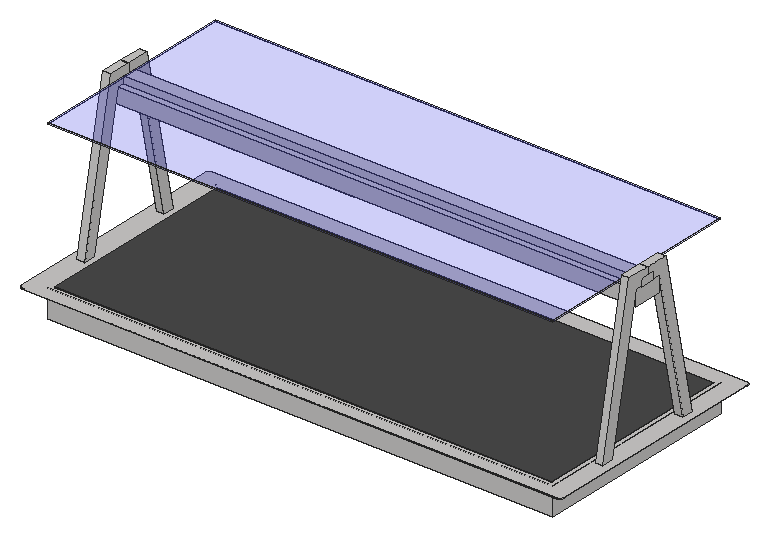
Revit family "QF_ELECTROLUXPROFESSIONAL_CC0HN6_CC0HN6", category Specialty Equipment, Revit 2023
Family settings
  Round Connector Dimension = Use Diameter
  Part Type = Normal
  Work Plane-Based = No
  Enable Cutting in Views = No
  Always vertical = Yes
  Cut with Voids When Loaded = No
  Maintain Annotation Orientation = No
  Shared = No
  Room Calculation Point = No
Parameters (values of type "Standard")
  Weight = 45.35 kg
  Watts = 0 W
  Volts = 220 V
  URL Manufacturer = "https://www.electroluxprofessional.com/"
  URL = "https://www.electroluxprofessional.com/"
  Steam Supply Size = 0 mm
  Steam Supply Minimum Pressure = 0.0 Pa
  Steam Supply Maximum Pressure = 0.0 Pa
  Steam Consumption per Hour = 0
  Refrigeration Suction Line Size = 0 mm
  Refrigeration Liquid Line Size = 0 mm
  Refrigerant Compressor Remote = yes
  Default Elevation = 0 mm
  Manufacturer = "Electrolux Professional"
  Phase = 1
  Model = "CC0HN6"
  Length Actual = 1420 mm  # constant formula
  Item Number = "CC0HN6"
  Hot Water Size = 0 mm
  Height Actual = 484 mm  # constant formula
  HP = "0 HP"
  Gas Size = 0 mm
  Gas KW = 0
  Gas Input Pressure = 0 W
  Direct Waste Size = 0 mm
  Description = "DROP-IN TEMPERED GLASS TOP, 4GN WITH A TYPE OVERSHELF AND HALOGEN LAMP"
  Depth Actual = 620 mm  # constant formula
  Cycle = 50 Hz
  Condensate Return Size = 0 mm
  Compressed Air Volume = 0.0 L/s
  Compressed Air Size = 0 mm
  Compressed Air Pressure = 0.0 Pa
  Cold Water Size = 0 mm
  Accessory = yes
Reference planes
  plane 1 "BACK": y = 0
  plane 2: z = 5.426
  plane 3 "LEFT": x = 0
  plane 4: y = -620
  plane 5: x = 1420
  plane 6: z = 409.426
  plane 7: y = -310
  plane 8: x = 710
Forms (mm)
  Extrusion 1, solid, material "QF_Finishes_Stainless Steel"
    sketch origin (0, 0, 5.426) x (1, 0, 0) y (0, 1, 0)
      loop
        arc (10, 0) -> (2.929, -2.929) -> (0, -10) r 10
        line (0, -10) -> (0, -610)
        arc (0, -610) -> (2.929, -617.071) -> (10, -620) r 10
        line (10, -620) -> (1410, -620)
        arc (1410, -620) -> (1417.071, -617.071) -> (1420, -610) r 10
        line (1420, -610) -> (1420, -10)
        arc (1420, -10) -> (1417.071, -2.929) -> (1410, 0) r 10
        line (1410, 0) -> (10, 0)
    from 0 to 1
  Extrusion 2, solid, material "QF_Finishes_Stainless Steel"
    sketch origin (0, 0, 184.548) x (1, 0, 0) y (0, 1, 0)
      loop
        line (50, -35) -> (50, -585) -> (1370, -585) -> (1370, -35) -> (50, -35)
    from -251.122 to -179.122
  Extrusion 3, solid, material "QF_Finishes_Stainless Steel"
    sketch origin (21.5, -620, 0) x (0, -1, 0) y (0, 0, -1)
      loop
        line (-310, -409.426) -> (-250.873, -409.426) -> (-165, -5.426) -> (-195, -5.426) -> (-272.583, -370.426) -> (-310, -370.426) -> (-310, -409.426)
    from 0 to 20
  Extrusion 4, solid, material "QF_Finishes_Stainless Steel"
    sketch origin (21.5, 0, 0) x (0, 1, 0) y (0, 0, 1)
      loop
        line (-310, 409.426) -> (-310, 370.426) -> (-272.583, 370.426) -> (-195, 5.426) -> (-165, 5.426) -> (-250.873, 409.426) -> (-310, 409.426)
    from 0 to 20
  Extrusion 5, solid, material "QF_Finishes_Stainless Steel"
    sketch origin (1398.5, -620, 0) x (0, -1, 0) y (0, 0, 1)
      loop
        line (-310, 409.426) -> (-310, 370.426) -> (-272.583, 370.426) -> (-195, 5.426) -> (-165, 5.426) -> (-250.873, 409.426) -> (-310, 409.426)
    from 0 to 20
  Extrusion 6, solid, material "QF_Finishes_Stainless Steel"
    sketch origin (1398.5, 0, 0) x (0, 1, 0) y (0, 0, -1)
      loop
        line (-310, -409.426) -> (-250.873, -409.426) -> (-165, -5.426) -> (-195, -5.426) -> (-272.583, -370.426) -> (-310, -370.426) -> (-310, -409.426)
    from 0 to 20
  Extrusion 7, solid, material "QF_Finishes_Stainless Steel"
    sketch origin (0, 0, 0) x (0, 1, 0) y (0, 0, 1)
      loop
        line (-291.292, 370.426) -> (-291.292, 387.956) -> (-328.917, 387.956) -> (-328.917, 370.426) -> (-291.292, 370.426)
    from 21.5 to 1398.5
  Extrusion 8, solid, material "Vetro"
    sketch origin (0, 0, 5.426) x (1, 0, 0) y (0, 1, 0)
      loop
        line (50, -35) -> (50, -585) -> (1370, -585) -> (1370, -35) -> (50, -35)
    from 382.529 to 387.529
  Extrusion 9, solid, material "QF_Finishes_Stainless Steel"
    sketch origin (0, 0, 0) x (0, 1, 0) y (0, 0, 1)
      loop
        line (-272.583, 370.426) -> (-347.583, 370.426) -> (-347.583, 330.426) -> (-272.583, 330.426) -> (-272.583, 370.426)
    from 21.5 to 1398.5
  Extrusion 10, solid, material "QF_Finishes_Stainless Steel"
    sketch origin (34.947, 0, 0) x (0, 1, 0) y (0, 0, 1)
      loop
        line (-280.414, 330.426) -> (-340.414, 330.426) -> (-340.414, 325.426) -> (-280.414, 325.426) -> (-280.414, 330.426)
    from 113.553 to 313.553
  Extrusion 11, solid, material "QF_Finishes_Stainless Steel"
    sketch origin (769.053, 0, 0) x (0, 1, 0) y (0, 0, -1)
      loop
        line (-280.414, -330.426) -> (-280.414, -325.426) -> (-340.414, -325.426) -> (-340.414, -330.426) -> (-280.414, -330.426)
    from 113.553 to 313.553
  Extrusion 12, solid, material "QF_Finishes_Stainless Steel"
    sketch origin (1385.053, 0, 0) x (0, 1, 0) y (0, 0, -1)
      loop
        line (-280.414, -330.426) -> (-280.414, -325.426) -> (-340.414, -325.426) -> (-340.414, -330.426) -> (-280.414, -330.426)
    from 113.553 to 313.553
  Extrusion 13, solid, material "QF_Finishes_Stainless Steel"
    sketch origin (650.947, 0, 0) x (0, 1, 0) y (0, 0, 1)
      loop
        line (-280.414, 330.426) -> (-340.414, 330.426) -> (-340.414, 325.426) -> (-280.414, 325.426) -> (-280.414, 330.426)
    from 113.553 to 313.553
  Extrusion 14, solid, material "QF_Finishes_Black"
    sketch origin (0, 0, 6.426) x (1, 0, 0) y (0, 1, 0)
      loop
        line (60, -45) -> (60, -575) -> (1360, -575) -> (1360, -45) -> (60, -45)
    from 0 to 1
  Extrusion 15, solid, material "QF_Finishes_Stainless Steel"
    sketch origin (1282.404, 17.714, -99.574) x (1, 0, 0) y (0, 1, 0)
      loop
        line (-392.404, -132.714) -> (-392.404, -152.714) -> (-372.404, -152.714) -> (-372.404, -132.714) -> (-392.404, -132.714)
    from 0 to 33
  Extrusion 16, solid, material "QF_Finishes_Stainless Steel"
    sketch origin (1012.404, 17.714, -99.574) x (1, 0, 0) y (0, 1, 0)
      loop
        line (-392.404, -132.714) -> (-392.404, -152.714) -> (-372.404, -152.714) -> (-372.404, -132.714) -> (-392.404, -132.714)
    from 0 to 33
Dimensions and locks
  equal spacing: Extrusion 1, Extrusion 2 sketch curve, Extrusion 2 sketch curve, Extrusion 1  (x2)
  Extrusion 1 to Extrusion 1 = 1420 mm
  Extrusion 1 to plane 1 "BACK" = 620 mm
  plane 6 to plane 2 = 404 mm
  equal spacing: plane 3 "LEFT", plane 8, plane 5
  Extrusion 4 to plane 8 to Extrusion 6 = 668.5 mm, 668.5 mm
  equal spacing: Extrusion 8, Extrusion 14 sketch curve, Extrusion 14 sketch curve, Extrusion 8  (x2)
  aligned and locked: level to plane 2
Automatic sketch dimensions
  Extrusion 1 sketch curve to plane 3 "LEFT" = 0 mm
  plane 4 to Extrusion 1 sketch curve = 0 mm
  plane 1 "BACK" to Extrusion 1 sketch curve = 0 mm
  Extrusion 1 sketch curve to plane 5 = 0 mm
  plane 3 "LEFT" to Extrusion 1 sketch curve = 10 mm  (x2)
  plane 5 to Extrusion 1 sketch curve = 10 mm  (x2)
  plane 3 "LEFT" to Extrusion 2 sketch curve = 50 mm
  plane 5 to Extrusion 2 sketch curve = 50 mm
  Extrusion 2 sketch curve to plane 4 = 35 mm
  plane 1 "BACK" to Extrusion 2 sketch curve = 35 mm
  Extrusion 3 sketch curve to plane 7 = 0 mm
  plane 6 to Extrusion 3 sketch curve = 0 mm
  Extrusion 3 sketch curve to level = 0 mm
  Extrusion 3 sketch curve to Extrusion 3 sketch curve = 37.417 mm
  Extrusion 3 sketch curve to Extrusion 3 sketch curve = 21.71 mm
  plane 7 to Extrusion 3 sketch curve = 115 mm
  Extrusion 3 sketch curve to Extrusion 3 sketch curve = 30 mm
  Extrusion 3 sketch curve to Extrusion 3 sketch curve = 39 mm
  Extrusion 4 sketch curve to plane 7 = 0 mm
  plane 6 to Extrusion 4 sketch curve = 0 mm
  Extrusion 4 sketch curve to level = 0 mm
  Extrusion 4 sketch curve to Extrusion 4 sketch curve = 37.417 mm
  Extrusion 4 sketch curve to Extrusion 4 sketch curve = 21.71 mm
  plane 7 to Extrusion 4 sketch curve = 115 mm
  Extrusion 4 sketch curve to Extrusion 4 sketch curve = 30 mm
  Extrusion 4 sketch curve to Extrusion 4 sketch curve = 39 mm
  Extrusion 5 sketch curve to plane 7 = 0 mm
  plane 6 to Extrusion 5 sketch curve = 0 mm
  Extrusion 5 sketch curve to level = 0 mm
  Extrusion 5 sketch curve to Extrusion 5 sketch curve = 37.417 mm
  Extrusion 5 sketch curve to Extrusion 5 sketch curve = 21.71 mm
  Extrusion 5 sketch curve to plane 7 = 115 mm
  Extrusion 5 sketch curve to Extrusion 5 sketch curve = 30 mm
  Extrusion 5 sketch curve to Extrusion 5 sketch curve = 39 mm
  Extrusion 6 sketch curve to plane 7 = 0 mm
  plane 6 to Extrusion 6 sketch curve = 0 mm
  Extrusion 6 sketch curve to level = 0 mm
  Extrusion 6 sketch curve to Extrusion 6 sketch curve = 37.417 mm
  Extrusion 6 sketch curve to Extrusion 6 sketch curve = 21.71 mm
  plane 7 to Extrusion 6 sketch curve = 115 mm
  Extrusion 6 sketch curve to Extrusion 6 sketch curve = 30 mm
  Extrusion 6 sketch curve to Extrusion 6 sketch curve = 39 mm
  Extrusion 7 sketch curve to plane 7 = 18.917 mm
  plane 7 to Extrusion 7 sketch curve = 18.708 mm
  plane 6 to Extrusion 7 sketch curve = 39 mm
  Extrusion 7 sketch curve to Extrusion 7 sketch curve = 17.529 mm
  plane 3 "LEFT" to Extrusion 8 sketch curve = 50 mm
  plane 5 to Extrusion 8 sketch curve = 50 mm
  Extrusion 8 sketch curve to plane 4 = 35 mm
  plane 1 "BACK" to Extrusion 8 sketch curve = 35 mm
  Extrusion 9 sketch curve to plane 7 = 37.583 mm
  plane 7 to Extrusion 9 sketch curve = 37.417 mm
  plane 6 to Extrusion 9 sketch curve = 79 mm
  plane 6 to Extrusion 9 sketch curve = 39 mm
  Extrusion 10 sketch curve to plane 7 = 30.414 mm
  plane 7 to Extrusion 10 sketch curve = 29.586 mm
  plane 6 to Extrusion 10 sketch curve = 84 mm
  Extrusion 10 sketch curve to Extrusion 10 sketch curve = 5 mm
  Extrusion 11 sketch curve to plane 7 = 30.414 mm
  plane 7 to Extrusion 11 sketch curve = 29.586 mm
  plane 6 to Extrusion 11 sketch curve = 79 mm
  Extrusion 11 sketch curve to Extrusion 11 sketch curve = 5 mm
  Extrusion 12 sketch curve to plane 7 = 30.414 mm
  plane 7 to Extrusion 12 sketch curve = 29.586 mm
  plane 6 to Extrusion 12 sketch curve = 79 mm
  Extrusion 12 sketch curve to Extrusion 12 sketch curve = 5 mm
  Extrusion 13 sketch curve to plane 7 = 30.414 mm
  plane 7 to Extrusion 13 sketch curve = 29.586 mm
  plane 6 to Extrusion 13 sketch curve = 84 mm
  Extrusion 13 sketch curve to Extrusion 13 sketch curve = 5 mm
  plane 3 "LEFT" to Extrusion 14 sketch curve = 60 mm
  plane 5 to Extrusion 14 sketch curve = 60 mm
  Extrusion 14 sketch curve to plane 4 = 45 mm
  plane 1 "BACK" to Extrusion 14 sketch curve = 45 mm
  plane 8 to Extrusion 15 sketch curve = 180 mm
  Extrusion 15 sketch curve to Extrusion 15 sketch curve = 20 mm  (x2)
  plane 1 "BACK" to Extrusion 15 sketch curve = 135 mm
  Extrusion 16 sketch curve to plane 8 = 90 mm
  Extrusion 16 sketch curve to Extrusion 16 sketch curve = 20 mm  (x2)
  plane 1 "BACK" to Extrusion 16 sketch curve = 135 mm
Connectors
  electrical at (900, -125, -99.574)
    settings: on Extrusion 15, index 4, voltage 0 V, apparent load 0 VA, apparent load phase1 0 VA, apparent load phase2 0 VA, apparent load phase3 0 VA, power factor 1, load classification "Altro", number of poles 1, system type 30, power factor state 1, is connector primary yes, connector utility no, sub classification motor no, connector description "EI"
  electrical at (630, -125, -99.574)
    settings: on Extrusion 16, index 5, voltage 0 V, apparent load 0 VA, apparent load phase1 0 VA, apparent load phase2 0 VA, apparent load phase3 0 VA, power factor 1, load classification "Altro", number of poles 1, system type 30, power factor state 1, is connector primary no, connector utility no, sub classification motor no, connector description "EI"
